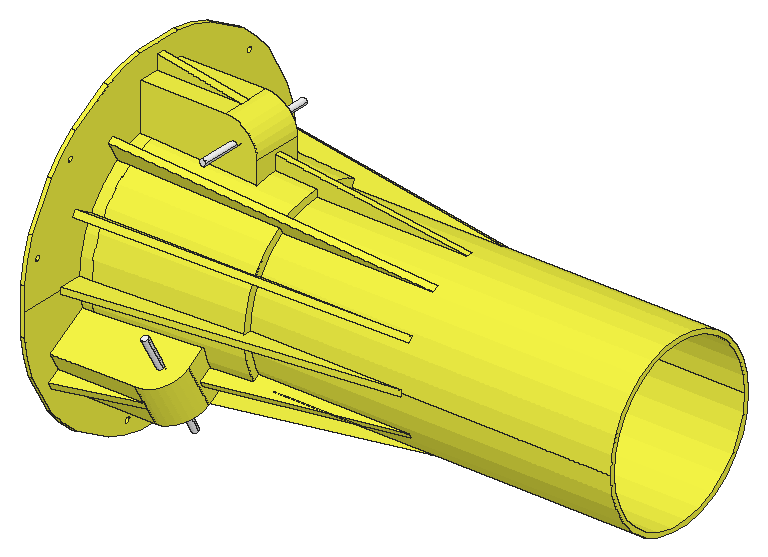
Revit family "MS70C", category Pipe Accessories, Revit 2021
Family settings
  Round Connector Dimension = Use Diameter
  Part Type = Breaks Into
  Work Plane-Based = No
  Always vertical = No
  Cut with Voids When Loaded = No
  Shared = No
Parameters
  URL = "http://www.snapcollars.com.au"
  Type Comments = ""
  Model = "MS70C"
  Manufacturer = "Snap Fire Systems"
  Description = "SNAP 70 Multi Service Cast-in"
  Default Elevation = 0 mm
  Cut Depth Offset [instance] = -1 * (Cut Depth + 1 mm)  # -1 mm
  Cut Depth [instance] = 0 mm
Reference planes
  plane 1 "Center (Front/Back)": y = 0
  plane 2: z = 0
  plane 3 "Center (Left/Right)": x = 20
  plane 4: x = -230
  plane 5: x = -80
  plane 6: y = 90.593
  plane 7: y = -50
  plane 8: y = 100.593
  plane 9: y = -60
  plane 10: x = -99.679
  plane 11: x = -79.975
Forms (mm)
  Revolve 1, solid, material "PVC-Yellow", detail levels medium+fine
    sketch origin (0, 0, 0) x (1, 0, 0) y (0, 1, 0)
      loop
        line (21, -39.138) -> (-152, -39.138) -> (-222.776, -46.386) -> (-230, -46.386) -> (-230, -81.386) -> (-227.967, -81.386) -> (-227.967, -48.273) -> (-221.904, -48.273) -> (-152, -44.61) -> (-152, -41.138) -> (21, -41.138) -> (21, -39.138)
      axis (-230, 0) -> (21, 0)
    angle from 0 to 360
  Extrusion 2, void
    sketch origin (-227.967, 0, 0) x (0, 1, 0) y (0, 0, -1)
      loop
        line (-21.601, -80.615) -> (21.601, -80.615) -> (59.014, -59.014) -> (80.615, -21.601) -> (80.615, 21.601) -> (59.014, 59.014) -> (21.601, 80.615) -> (-21.601, 80.615) -> (-59.014, 59.014) -> (-80.615, 21.601) -> (-80.615, -21.601) -> (-59.014, -59.014) -> (-21.601, -80.615)
      loop
        circle (0, 0) r 93.086
    from 0 to 2.033
  Extrusion 3, void
    sketch origin (-227.967, 0, 0) x (0, 1, 0) y (0, 0, -1)
      loop
        circle (53.437, -53.449) r 1.5
      loop
        circle (73.002, -19.569) r 1.5
      loop
        circle (19.569, 73.002) r 1.5
      loop
        circle (-19.553, 73.006) r 1.5
      loop
        circle (-73.006, -19.553) r 1.5
      loop
        circle (-53.449, -53.437) r 1.5
    from 0 to 2.033
  Extrusion 4, solid, material "PVC-Yellow", detail levels fine
    sketch origin (0, 0, 0) x (1, 0, 0) y (0, 1, 0)
      loop
        line (-80, -41.131) -> (-227.967, -59.587) -> (-227.967, -48.244) -> (-221.904, -48.244) -> (-152, -44.61) -> (-152, -41.138) -> (-80.051, -41.138)
    from -1.5 to 1.5
  Extrusion 5, solid, material "PVC-Yellow", detail levels medium+fine
    sketch origin (0, 0, 0) x (1, 0, 0) y (0, 0, 1)
      loop
        line (-227.967, 69.12) -> (-227.967, 41.138) -> (-171.967, 41.138) -> (-171.967, 54.12)
        arc (-171.967, 54.12) -> (-176.361, 64.727) -> (-186.967, 69.12) r 15
        line (-186.967, 69.12) -> (-227.967, 69.12)
    from -12 to 12
  Extrusion 6, solid, material "PVC-Yellow", detail levels fine
    sketch origin (0, 0, 0) x (1, 0, 0) y (0, 0, 1)
      loop
        line (-227.967, 75.943) -> (-227.967, 69.12) -> (-186.967, 69.12) -> (-227.967, 75.943)
    from -2 to 2
  Extrusion 7, solid, material "PVC-White", not visible, detail levels fine
    sketch origin (0, 0, 0) x (1, 0, 0) y (0, 0, 1)
      loop
        line (-80, 60.418) -> (-227.967, 86.048) -> (-227.967, 69.12) -> (-80, 60.418)
    from -1.5 to 1.5
  Extrusion 8, solid, material "PVC-White", not visible, detail levels fine
    sketch origin (0, 0, 0) x (1, 0, 0) y (0, -0.5, 0.866025)
      loop
        line (-80, 60.418) -> (-227.967, 86.048) -> (-227.967, 69.12) -> (-80, 60.418)
    from -1.5 to 1.5
  Extrusion 9, solid, material "PVC-White", not visible, detail levels fine
    sketch origin (0, 0, 0) x (1, 0, 0) y (0, -0.866025, 0.5)
      loop
        line (-80, 60.418) -> (-227.967, 86.048) -> (-227.967, 69.12) -> (-80, 60.418)
    from -1.5 to 1.5
  Extrusion 10, solid, material "PVC-White", not visible, detail levels fine
    sketch origin (0, 0, 0) x (0, -1, 0) y (-1, 0, 0)
      loop
        line (60.418, 80) -> (86.048, 227.967) -> (69.12, 227.967) -> (60.418, 80)
    from -1.5 to 1.5
  Extrusion 11, solid, material "PVC-White", not visible, detail levels fine
    sketch origin (0, 0, 0) x (1, 0, 0) y (0, -0.866025, -0.5)
      loop
        line (-80, 60.418) -> (-227.967, 86.048) -> (-227.967, 69.12) -> (-80, 60.418)
    from -1.5 to 1.5
  Extrusion 12, solid, material "PVC-White", not visible, detail levels fine
    sketch origin (0, 0, 0) x (1, 0, 0) y (0, -0.5, -0.866025)
      loop
        line (-80, 60.418) -> (-227.967, 86.048) -> (-227.967, 69.12) -> (-80, 60.418)
    from -1.5 to 1.5
  Extrusion 13, solid, material "PVC-White", not visible, detail levels fine
    sketch origin (0, 0, 0) x (1, 0, 0) y (0, 0, -1)
      loop
        line (-80, 60.418) -> (-227.967, 86.048) -> (-227.967, 69.12) -> (-80, 60.418)
    from -1.5 to 1.5
  Extrusion 14, solid, material "PVC-White", not visible, detail levels fine
    sketch origin (0, 0, 0) x (1, 0, 0) y (0, 0.5, -0.866025)
      loop
        line (-80, 60.418) -> (-227.967, 86.048) -> (-227.967, 69.12) -> (-80, 60.418)
    from -1.5 to 1.5
  Extrusion 15, solid, material "PVC-White", not visible, detail levels fine
    sketch origin (0, 0, 0) x (1, 0, 0) y (0, 0.866025, -0.5)
      loop
        line (-80, 60.418) -> (-227.967, 86.048) -> (-227.967, 69.12) -> (-80, 60.418)
    from -1.5 to 1.5
  Extrusion 16, solid, material "PVC-White", not visible, detail levels fine
    sketch origin (0, 0, 0) x (1, 0, 0) y (0, 1, 0)
      loop
        line (-80, 60.418) -> (-227.967, 86.048) -> (-227.967, 69.12) -> (-80, 60.418)
    from -1.5 to 1.5
  Extrusion 17, solid, material "PVC-White", not visible, detail levels fine
    sketch origin (0, 0, 0) x (1, 0, 0) y (0, 0.866025, 0.5)
      loop
        line (-80, 60.418) -> (-227.967, 86.048) -> (-227.967, 69.12) -> (-80, 60.418)
    from -1.5 to 1.5
  Extrusion 18, solid, material "PVC-White", not visible, detail levels fine
    sketch origin (0, 0, 0) x (1, 0, 0) y (0, 0.5, 0.866025)
      loop
        line (-80, 60.418) -> (-227.967, 86.048) -> (-227.967, 69.12) -> (-80, 60.418)
    from -1.5 to 1.5
  Extrusion 19, solid, material "PVC-White", detail levels fine
    sketch origin (-25.899, 0, -22.494) x (1, 0, 0) y (0, 0, 1)
      loop
        circle (-157.362, 79.878) r 1.5
    from -30 to 30
  Extrusion 20, solid, material "PVC-Yellow", detail levels fine
    sketch origin (0, 0, 0) x (1, 0, 0) y (0, 0.866025, -0.5)
      loop
        line (-80, -41.131) -> (-227.967, -59.587) -> (-227.967, -48.244) -> (-221.904, -48.244) -> (-152, -44.61) -> (-152, -41.138) -> (-80.051, -41.138)
    from -1.5 to 1.5
  Extrusion 21, solid, material "PVC-Yellow", detail levels fine
    sketch origin (0, 0, 0) x (1, 0, 0) y (0, 0.5, -0.866025)
      loop
        line (-80, -41.131) -> (-227.967, -59.587) -> (-227.967, -48.244) -> (-221.904, -48.244) -> (-152, -44.61) -> (-152, -41.138) -> (-80.051, -41.138)
    from -1.5 to 1.5
  Extrusion 22, solid, material "PVC-Yellow", detail levels fine
    sketch origin (0, 0, 0) x (1, 0, 0) y (0, 0, -1)
      loop
        line (-80, -41.131) -> (-227.967, -59.587) -> (-227.967, -48.244) -> (-221.904, -48.244) -> (-152, -44.61) -> (-152, -41.138) -> (-80.051, -41.138)
    from -1.5 to 1.5
  Extrusion 23, solid, material "PVC-Yellow", detail levels fine
    sketch origin (0, 0, 0) x (1, 0, 0) y (0, -0.5, -0.866025)
      loop
        line (-80, -41.131) -> (-227.967, -59.587) -> (-227.967, -48.244) -> (-221.904, -48.244) -> (-152, -44.61) -> (-152, -41.138) -> (-80.051, -41.138)
    from -1.5 to 1.5
  Extrusion 24, solid, material "PVC-Yellow", detail levels fine
    sketch origin (0, 0, 0) x (1, 0, 0) y (0, -0.866025, -0.5)
      loop
        line (-80, -41.131) -> (-227.967, -59.587) -> (-227.967, -48.244) -> (-221.904, -48.244) -> (-152, -44.61) -> (-152, -41.138) -> (-80.051, -41.138)
    from -1.5 to 1.5
  Extrusion 25, solid, material "PVC-Yellow", detail levels fine
    sketch origin (0, 0, 0) x (0, -1, 0) y (-1, 0, 0)
      loop
        line (-41.131, 80) -> (-59.587, 227.967) -> (-48.244, 227.967) -> (-48.244, 221.904) -> (-44.61, 152) -> (-41.138, 152) -> (-41.138, 80.051)
    from -1.5 to 1.5
  Extrusion 26, solid, material "PVC-Yellow", detail levels fine
    sketch origin (0, 0, 0) x (1, 0, 0) y (0, -0.866025, 0.5)
      loop
        line (-80, -41.131) -> (-227.967, -59.587) -> (-227.967, -48.244) -> (-221.904, -48.244) -> (-152, -44.61) -> (-152, -41.138) -> (-80.051, -41.138)
    from -1.5 to 1.5
  Extrusion 27, solid, material "PVC-Yellow", detail levels fine
    sketch origin (0, 0, 0) x (1, 0, 0) y (0, -0.5, 0.866025)
      loop
        line (-80, -41.131) -> (-227.967, -59.587) -> (-227.967, -48.244) -> (-221.904, -48.244) -> (-152, -44.61) -> (-152, -41.138) -> (-80.051, -41.138)
    from -1.5 to 1.5
  Extrusion 28, solid, material "PVC-Yellow", detail levels fine
    sketch origin (0, 0, 0) x (1, 0, 0) y (0, 0, 1)
      loop
        line (-80, -41.131) -> (-227.967, -59.587) -> (-227.967, -48.244) -> (-221.904, -48.244) -> (-152, -44.61) -> (-152, -41.138) -> (-80.051, -41.138)
    from -1.5 to 1.5
  Extrusion 29, solid, material "PVC-Yellow", detail levels fine
    sketch origin (0, 0, 0) x (1, 0, 0) y (0, 0.5, 0.866025)
      loop
        line (-80, -41.131) -> (-227.967, -59.587) -> (-227.967, -48.244) -> (-221.904, -48.244) -> (-152, -44.61) -> (-152, -41.138) -> (-80.051, -41.138)
    from -1.5 to 1.5
  Extrusion 30, solid, material "PVC-Yellow", detail levels fine
    sketch origin (0, 0, 0) x (1, 0, 0) y (0, 0.866025, 0.5)
      loop
        line (-80, -41.131) -> (-227.967, -59.587) -> (-227.967, -48.244) -> (-221.904, -48.244) -> (-152, -44.61) -> (-152, -41.138) -> (-80.051, -41.138)
    from -1.5 to 1.5
  Extrusion 31, solid, material "PVC-Yellow", detail levels medium+fine
    sketch origin (0, 0, 0) x (1, 0, 0) y (0, 0.866025, -0.5)
      loop
        line (-227.967, 69.12) -> (-227.967, 41.138) -> (-171.967, 41.138) -> (-171.967, 54.12)
        arc (-171.967, 54.12) -> (-176.361, 64.727) -> (-186.967, 69.12) r 15
        line (-186.967, 69.12) -> (-227.967, 69.12)
    from -12 to 12
  Extrusion 32, solid, material "PVC-Yellow", detail levels fine
    sketch origin (0, 0, 0) x (1, 0, 0) y (0, 0.866025, -0.5)
      loop
        line (-227.967, 75.943) -> (-227.967, 69.12) -> (-186.967, 69.12) -> (-227.967, 75.943)
    from -2 to 2
  Extrusion 33, solid, material "PVC-White", detail levels fine
    sketch origin (-25.899, -19.481, 11.247) x (1, 0, 0) y (0, 0.866025, -0.5)
      loop
        circle (-157.362, 79.878) r 1.5
    from -30 to 30
  Extrusion 34, solid, material "PVC-Yellow", detail levels medium+fine
    sketch origin (0, 0, 0) x (1, 0, 0) y (0, -0.866025, -0.5)
      loop
        line (-227.967, 69.12) -> (-227.967, 41.138) -> (-171.967, 41.138) -> (-171.967, 54.12)
        arc (-171.967, 54.12) -> (-176.361, 64.727) -> (-186.967, 69.12) r 15
        line (-186.967, 69.12) -> (-227.967, 69.12)
    from -12 to 12
  Extrusion 35, solid, material "PVC-Yellow", detail levels fine
    sketch origin (0, 0, 0) x (1, 0, 0) y (0, -0.866025, -0.5)
      loop
        line (-227.967, 75.943) -> (-227.967, 69.12) -> (-186.967, 69.12) -> (-227.967, 75.943)
    from -2 to 2
  Extrusion 36, solid, material "PVC-White", detail levels fine
    sketch origin (-25.899, 19.481, 11.247) x (1, 0, 0) y (0, -0.866025, -0.5)
      loop
        circle (-157.362, 79.878) r 1.5
    from -30 to 30
  Extrusion 37, void
    sketch origin (21, 0, 0) x (0, -1, 0) y (0, 0, -1)
      loop
        circle (0, 0) r 50.359
    from 0 to -1 <- "Cut Depth Offset"
Cuts and joins
  Extrusion 2, Extrusion 3, Extrusion 37 cuts Revolve 1
Dimensions and locks
  plane 4 to plane 3 "Center (Left/Right)" = 250 mm
  Extrusion 7 sketch curve to Extrusion 7 sketch curve = 0 mm
  Extrusion 8 sketch curve to Extrusion 8 sketch curve = 0 mm
  Extrusion 9 sketch curve to Extrusion 9 sketch curve = 0 mm
  Extrusion 10 sketch curve to Extrusion 10 sketch curve = 0 mm
  Extrusion 11 sketch curve to Extrusion 11 sketch curve = 0 mm
  Extrusion 12 sketch curve to Extrusion 12 sketch curve = 0 mm
  Extrusion 13 sketch curve to Extrusion 13 sketch curve = 0 mm
  Extrusion 14 sketch curve to Extrusion 14 sketch curve = 0 mm
  Extrusion 15 sketch curve to Extrusion 15 sketch curve = 0 mm
  Extrusion 16 sketch curve to Extrusion 16 sketch curve = 0 mm
  Extrusion 17 sketch curve to Extrusion 17 sketch curve = 0 mm
  Extrusion 18 sketch curve to Extrusion 18 sketch curve = 0 mm
  aligned and locked: level to plane 2
  aligned and locked: plane 1 "Center (Front/Back)" to Revolve 1 sketch curve
Connectors
  piping at (-99.679, 0, 0), diameter 65
    settings: on plane 10, index 4, connector inside diameter 609.6 mm, connector length 0 mm, flow factor 0, pipe flow 0.0 L/s, pressure drop 0.0 Pa, fitting loss kfactor 0, connector angle 0.00°, fixture units 0, engagement length 0 mm, angle of deflection 0.00°, flow configuration 0, flow direction 0, fitting loss method 0, system type 7, joint type 0, gender type 0, connector reference index -1, connector utility 0, adjustable connector no, is connector primary yes, connector description ""
  piping at (-80, 0, 0), diameter 65
    settings: on plane 5, index 5, connector inside diameter 609.6 mm, connector length 0 mm, flow factor 0, pipe flow 0.0 L/s, pressure drop 0.0 Pa, fitting loss kfactor 0, connector angle 0.00°, fixture units 0, engagement length 0 mm, angle of deflection 0.00°, flow configuration 0, flow direction 0, fitting loss method 0, system type 7, joint type 0, gender type 0, connector reference index -1, connector utility 0, adjustable connector no, is connector primary no, connector description ""
